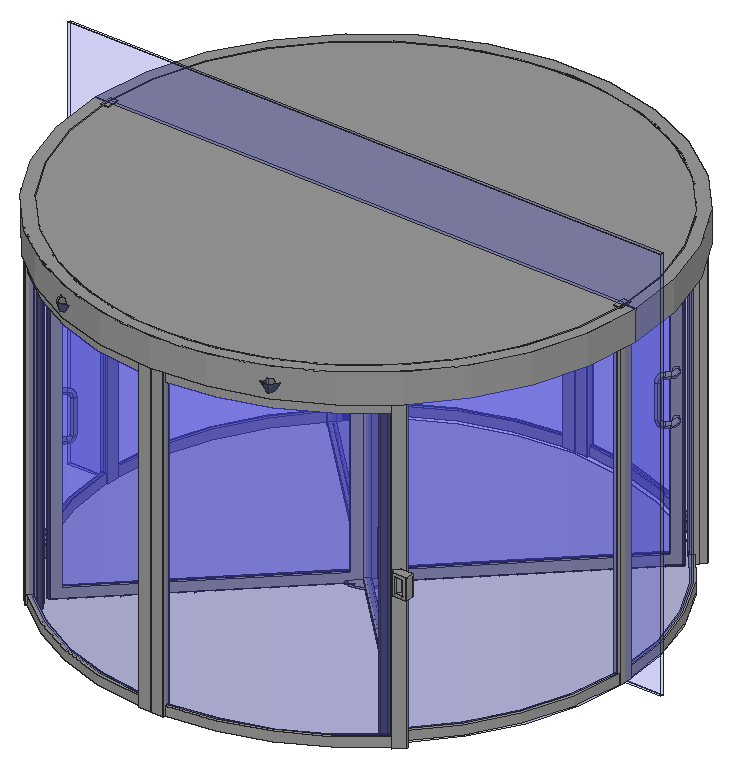
Revit family "Talos RDR-C01", category Türen, Revit 2016
Family settings
  OmniClass-Nummer = 23.30.10.00
  OmniClass-Titel = Doors
  Immer vertikal = Ja
  Beim Laden mit Abzugskörper schneiden = Nein
  Gemeinsam genutzt = Nein
  Raumberechnungspunkt = Nein
Parameters (values of type "RDR-C01 3400")
  Youtube clip = ""
  Width = 3500.00 mm
  Weight Net (Kg) = 0
  Weight = 0.00 kg
  Uniformat II Description = ""
  Uniformat II Code = ""
  Uniclass 2015 Name = ""
  Uniclass 2015 Code = ""
  Uniclass 2.0 Description = ""
  Uniclass 2.0 Code = ""
  Uniclass 1.4 Description = ""
  Uniclass 1.4 Code = ""
  URL = "http://www.kaba.com/physical-access-systems/en/solutions/92272/revolving-doors-and-circular-sliding-doors.html"
  UNSPSC Code = ""
  Type Comments = ""
  Type = "Talos RDR-C01"
  Technical description = "http://www.kaba.com/physical-access-systems/media/867246/v7/File/product-brochure-talos-rdr-and-csd.pdf"
  StandardUsed = "39"
  ShutOffDeviceInside = and(not(HasLockInside), HasIntegralShutOffDevice)  # no
  ShutOffDevice = and(not(HasLock), HasIntegralShutOffDevice)  # no
  SectionWidth = 4300.00 mm
  RubberMaterial = Zellkautschuk - EPDM
  RotationInterval 180 = yes
  RotationInterval 120 = not(RotationInterval 180)  # no
  ProfileWidth = if(DoorThickness < 40.00 mm, 40.00 mm, DoorThickness)  # 40.00 mm
  ProfileCenter = if(DoorThickness < 40.00 mm, (40.00 mm - DoorThickness) / 2, 0.00 mm)  # 0.00 mm
  Product certification = ""
  Product SKU = "Talos_RDR-C01"
  OmniClass Description = ""
  OmniClass Code = ""
  Nominal width = 0
  Nominal height = 2300
  NBS Reference Description = ""
  NBS Reference Code = ""
  MotionSensorOutside = if(HasLock, DiameterCoverFront - 18.00 mm, Diameter)  # 1822.00 mm
  MotionSensorInside = if(HasLockInside, DiameterCoverFront - 18.00 mm, Diameter)  # 1822.00 mm
  Power = ""
  OuterDiameter = "3500 mm"
  OperatingWeight = 0.00 kg
  MotorDriveType = "-"
  Modell = "Talos RDR-E01"
  Material secondary = "Metal"
  Material main = "Glass"
  Masterformat 2014 Description = ""
  Masterformat 2014 Code = ""
  Manufacturer name = "DORMA"
  Manufacturer country = "Germany"
  Manufacturer = "Kaba GmbH"
  Installation instructions = ""
  IFC Classification = ""
  Edition number = 1
  EAN code = ""
  Design country = "Germany"
  Konstruktionstyp = "Revolving Door"
  Hersteller = "Kaba GmbH"
  Height = 2300.00 mm
  HasShellTopFrame = no
  HasMotionSensor = yes
  HasLockInside = yes
  HasLock = yes
  HasIntegralShutOffDevice = yes
  HasGrabHandles 180 = and(HasGrabHandles, RotationInterval 180)  # yes
  HasGrabHandles 120 = and(HasGrabHandles, RotationInterval 120)  # no
  HasGrabHandles = yes
  HasFoldableDoors = yes
  HasCover = yes
  HasConsoleS2 = yes
  HasConsoleS1 = yes
  HandlePosition = 35.00 mm  # constant formula
  HandleMaterial = 1.4401 - A4
  Funktion = Außen
  FrameMaterial = 1.4401 - A4
  ExpectedLife = ""
  ElementWeight = 0.00 kg
  DoorWidth = AccessLengthOrRadius - 60.00 mm  # 1670.00 mm
  DoorThicknessRight = DoorThickness / 2  # 20.00 mm
  DoorThicknessLeft = -DoorThickness / 2  # -20.00 mm
  DoorThickness = 40.00 mm
  Dicke = DoorThickness  # 40.00 mm
  DiameterNightLockGlassOutside = Diameter + 49.00 mm  # 1809.00 mm
  DiameterNightLockGlassInside = Diameter + 41.00 mm  # 1801.00 mm
  DiameterNightLockFrame = Diameter + 21.00 mm  # 1781.00 mm
  DiameterNightLockCover = Diameter + 60.00 mm  # 1820.00 mm
  DiameterNightLock = Diameter + 30.00 mm  # 1790.00 mm
  DiameterGlassInside = (Width / 2) - 10.00 mm  # 1740.00 mm
  DiameterGlassOutside = (Width / 2)  # 1750.00 mm
  DiameterCoverFront = Diameter + 80.00 mm  # 1840.00 mm
  Diameter = (Width / 2) + 10.00 mm  # 1760.00 mm
  CoverWidth = Height - ClearHeight  # 200.00 mm
  CoverMaterial = Glas
  ConsoleType = console : Type 4
  ConsoleS2 = if(HasLock, DiameterNightLockFrame + 48.00 mm, DiameterNightLockFrame)  # 1829.00 mm
  ConsoleS1 = if(HasLockInside, DiameterNightLockFrame + 48.00 mm, DiameterNightLockFrame)  # 1829.00 mm
  Colour = ""
  ClearHeight = 2100.00 mm
  COBIe Type Category = ""
  BaseType = "60 mm - 169 mm"
  Analytische Konstruktion = "<Keine Auswahl>"
  AccessLengthOrRadius = Diameter - 30.00 mm  # 1730.00 mm
Reference planes
  plane 1 "Mitte (Vorne/Hinten)": y = 0
  plane 2: z = 0
  plane 3 "Mitte (Links/Rechts)": x = 0.023
  plane 4 "Section L": x = -2017.477
  plane 5 "Section R": x = 2017.523
  plane 6 "Oberkante": z = 2700
  plane 7: z = 2300
  plane 8 "access height": z = 2100
  plane 9: x = -1749.977
  plane 10: x = 1750.023
  plane 11 "180-4": through (-2115.474, 2115.497, 800) normal (0.7071, 0.7071, 0)
  plane 12 "180-1": through (2115.52, 2115.497, 800) normal (0.7071, -0.7071, 0)
  plane 13 "180-2": through (2115.52, -2115.497, 800) normal (-0.7071, -0.7071, 0)
  plane 14 "180-3": through (-2115.474, -2115.497, 800) normal (-0.7071, 0.7071, 0)
  plane 15 "120-1": through (260.773, 2980.38, 800) normal (0.9962, -0.0872, 0)
  plane 16 "120-2": through (2450.733, -1716.005, 800) normal (-0.5736, -0.8192, 0)
  plane 17 "120-3": through (-2711.436, -1264.374, 800) normal (-0.4226, 0.9063, 0)
Forms (mm)
  Extrusion 1, solid
    sketch origin (0, 0, 0) x (1, 0, 0) y (0, 0, 1)
      loop
        line (-2017.477, 0) -> (-1749.977, 0) -> (-1749.977, 2300) -> (1750.023, 2300) -> (1750.023, 0) -> (2017.523, 0) -> (2017.523, 2700) -> (-2017.477, 2700) -> (-2017.477, 0)
    from -12 to 12
  Extrusion 2, solid, material "Glas" <- "CoverMaterial"
    sketch origin (100, 0, 0) x (1, 0, 0) y (0, 1, 0)
      loop
        arc (-1337.414, 1237.437) -> (-1708.514, 689.281) -> (-1849.461, 42.5) r 1750
        line (-1849.461, 42.5) -> (-1839.458, 42.5)
        arc (-1839.458, 42.5) -> (-1699.275, 685.453) -> (-1330.343, 1230.366) r 1740
        line (-1330.343, 1230.366) -> (-1337.414, 1237.437)
      loop
        line (-1337.414, -1237.437) -> (-1330.343, -1230.366)
        arc (-1330.343, -1230.366) -> (-1699.275, -685.453) -> (-1839.458, -42.5) r 1740
        line (-1839.458, -42.5) -> (-1849.461, -42.5)
        arc (-1849.461, -42.5) -> (-1708.514, -689.281) -> (-1337.414, -1237.437) r 1750
    from 63 to 2100 <- "ClearHeight"
  Extrusion 3, solid, material "1.4401 - A4" <- "FrameMaterial", visible <- "RotationInterval 180"
    sketch origin (100, 0, 0) x (1, 0, 0) y (0, 1, 0)
      loop
        line (-160.977, -61) -> (-38.977, -61) -> (-38.977, 61) -> (-160.977, 61) -> (-160.977, -61)
    from 1137 to 1167
  Extrusion 4, solid, material "1.4401 - A4" <- "FrameMaterial"
    sketch origin (0, 0, 0) x (1, 0, 0) y (0, 1, 0)
      loop
        circle (0.023, 0) r 1760
    from 2100 <- "ClearHeight" to 2300 <- "Height"
  Extrusion 5, solid, material "1.4401 - A4" <- "FrameMaterial", visible <- "RotationInterval 120"
    sketch origin (50.012, 86.583, 0) x (0.5, 0.866025, 0) y (-0.866025, 0.5, 0)
      loop
        line (-17.503, 38.458) -> (-174.52, 52.195) -> (-107.908, -90.654) -> (-17.503, 38.458)
    from 1137 to 1167
  Extrusion 6, solid, material "Glas" <- "CoverMaterial"
    sketch origin (265.046, 0, 0) x (-1, 0, 0) y (0, -1, 0)
      loop
        line (-972.414, -1237.437) -> (-965.343, -1230.366)
        arc (-965.343, -1230.366) -> (-1334.275, -685.453) -> (-1474.458, -42.5) r 1740
        line (-1474.458, -42.5) -> (-1484.461, -42.5)
        arc (-1484.461, -42.5) -> (-1343.514, -689.281) -> (-972.414, -1237.437) r 1750
      loop
        arc (-972.414, 1237.437) -> (-1343.514, 689.281) -> (-1484.461, 42.5) r 1750
        line (-1484.461, 42.5) -> (-1474.458, 42.5)
        arc (-1474.458, 42.5) -> (-1334.275, 685.453) -> (-965.343, 1230.366) r 1740
        line (-965.343, 1230.366) -> (-972.414, 1237.437)
    from 63 to 2100 <- "ClearHeight"
  Extrusion 7, solid
    sketch origin (28.5, -238.964, 0) x (1, 0, 0) y (0, 1, 0)
      loop
        line (-1798.477, 196.464) -> (-1749.977, 196.464) -> (-1749.977, 281.464) -> (-1798.477, 281.464) -> (-1798.477, 196.464)
    from 0 to 2300
  Extrusion 8, solid
    sketch origin (-182.5, 0, 0) x (1, 0, 0) y (0, 1, 0)
      loop
        line (-1040.772, 1223.295) -> (-1061.985, 1244.508)
        arc (-1061.985, 1244.508) -> (-1435.254, 693.108) -> (-1576.964, 42.5) r 1760
        line (-1576.964, 42.5) -> (-1546.955, 42.5)
        arc (-1546.955, 42.5) -> (-1407.535, 681.626) -> (-1040.772, 1223.295) r 1730
      loop
        line (-1061.985, -1244.508) -> (-1040.772, -1223.295)
        arc (-1040.772, -1223.295) -> (-1406.38, -684.314) -> (-1546.801, -48.349) r 1730
        line (-1546.801, -48.349) -> (-1576.813, -48.349)
        arc (-1576.813, -48.349) -> (-1434.099, -695.796) -> (-1061.985, -1244.508) r 1760
      loop
        line (1405.818, -1223.295) -> (1427.031, -1244.508)
        arc (1427.031, -1244.508) -> (1800.3, -693.108) -> (1942.01, -42.5) r 1760
        line (1942.01, -42.5) -> (1912.001, -42.5)
        arc (1912.001, -42.5) -> (1772.581, -681.626) -> (1405.818, -1223.295) r 1730
      loop
        line (1427.031, 1244.508) -> (1405.818, 1223.295)
        arc (1405.818, 1223.295) -> (1772.581, 681.626) -> (1912.001, 42.5) r 1730
        line (1912.001, 42.5) -> (1942.01, 42.5)
        arc (1942.01, 42.5) -> (1800.3, 693.108) -> (1427.031, 1244.508) r 1760
    from 0 to 63
  Extrusion 9, solid, visible <- "RotationInterval 180"
    sketch origin (0.012, 0.012, 0) x (-0.707107, 0.707107, 0) y (0, 0, 1)
      loop
        line (1689.984, 2100) -> (19.984, 2100) -> (19.984, 0) -> (1689.984, 0) -> (1689.984, 2100)
      loop
        line (1626.984, 2037) -> (82.984, 2037) -> (82.984, 63) -> (1626.984, 63) -> (1626.984, 2037)
    from -20 <- "DoorThicknessLeft" to 20 <- "DoorThicknessRight"
  Extrusion 10, solid, visible <- "RotationInterval 180"
    sketch origin (2115.52, -2115.497, 800) x (0.707107, -0.707107, 0) y (0, 0, 1)
      loop
        line (-1301.764, 1300) -> (-2971.764, 1300) -> (-2971.764, -800) -> (-1301.764, -800) -> (-1301.764, 1300)
      loop
        line (-1364.764, 1237) -> (-2908.764, 1237) -> (-2908.764, -737) -> (-1364.764, -737) -> (-1364.764, 1237)
    from -20 <- "DoorThicknessLeft" to 20 <- "DoorThicknessRight"
  Extrusion 11, solid, visible <- "RotationInterval 180"
    sketch origin (0.012, 0.012, 0) x (-0.707107, 0.707107, 0) y (0, 0, 1)
      loop
        line (1626.984, 2037) -> (82.984, 2037) -> (82.984, 63) -> (1626.984, 63) -> (1626.984, 2037)
    from 3 to 10
  Extrusion 12, solid, visible <- "RotationInterval 180"
    sketch origin (0.012, 0.012, 0) x (-0.707107, 0.707107, 0) y (0, 0, 1)
      loop
        line (1626.984, 2037) -> (82.984, 2037) -> (82.984, 63) -> (1626.984, 63) -> (1626.984, 2037)
    from -10 to -3
  Extrusion 13, solid, visible <- "RotationInterval 180"
    sketch origin (2115.52, -2115.497, 800) x (0.707107, -0.707107, 0) y (0, 0, 1)
      loop
        line (-1364.764, 1237) -> (-2908.764, 1237) -> (-2908.764, -737) -> (-1364.764, -737) -> (-1364.764, 1237)
    from 3 to 10
  Extrusion 14, solid, visible <- "RotationInterval 180"
    sketch origin (2115.52, -2115.497, 800) x (0.707107, -0.707107, 0) y (0, 0, 1)
      loop
        line (-1364.764, 1237) -> (-2908.764, 1237) -> (-2908.764, -737) -> (-1364.764, -737) -> (-1364.764, 1237)
    from -10 to -3
  Extrusion 15, solid, visible <- "RotationInterval 180"
    sketch origin (0.012, -0.012, 0) x (0.707107, 0.707107, 0) y (0, 0, 1)
      loop
        line (1690.016, 2100) -> (20.016, 2100) -> (20.016, 0) -> (1690.016, 0) -> (1690.016, 2100)
      loop
        line (1627.016, 2037) -> (83.016, 2037) -> (83.016, 63) -> (1627.016, 63) -> (1627.016, 2037)
    from 20 <- "DoorThicknessRight" to -20 <- "DoorThicknessLeft"
  Extrusion 16, solid, visible <- "RotationInterval 180"
    sketch origin (0.012, -0.012, 0) x (0.707107, 0.707107, 0) y (0, 0, 1)
      loop
        line (1627.016, 2037) -> (83.016, 2037) -> (83.016, 63) -> (1627.016, 63) -> (1627.016, 2037)
    from 3 to 10
  Extrusion 17, solid, visible <- "RotationInterval 180"
    sketch origin (0.012, -0.012, 0) x (0.707107, 0.707107, 0) y (0, 0, 1)
      loop
        line (1627.016, 2037) -> (83.016, 2037) -> (83.016, 63) -> (1627.016, 63) -> (1627.016, 2037)
    from -10 to -3
  Extrusion 18, solid, visible <- "RotationInterval 180"
    sketch origin (0.012, -0.012, 0) x (-0.707107, -0.707107, 0) y (0, 0, 1)
      loop
        line (1689.984, 2100) -> (19.984, 2100) -> (19.984, 0) -> (1689.984, 0) -> (1689.984, 2100)
      loop
        line (1626.984, 2037) -> (82.984, 2037) -> (82.984, 63) -> (1626.984, 63) -> (1626.984, 2037)
    from -20 <- "DoorThicknessLeft" to 20 <- "DoorThicknessRight"
  Extrusion 19, solid, visible <- "RotationInterval 180"
    sketch origin (0.012, -0.012, 0) x (-0.707107, -0.707107, 0) y (0, 0, 1)
      loop
        line (1626.984, 2037) -> (82.984, 2037) -> (82.984, 63) -> (1626.984, 63) -> (1626.984, 2037)
    from 3 to 10
  Extrusion 20, solid, visible <- "RotationInterval 180"
    sketch origin (0.012, -0.012, 0) x (-0.707107, -0.707107, 0) y (0, 0, 1)
      loop
        line (1626.984, 2037) -> (82.983, 2037) -> (82.983, 63) -> (1626.984, 63) -> (1626.984, 2037)
    from -10 to -3
  Extrusion 21, solid
    sketch origin (-28.454, -238.964, 0) x (-1, 0, 0) y (0, -1, 0)
      loop
        line (-1798.477, -196.464) -> (-1798.477, -281.464) -> (-1749.977, -281.464) -> (-1749.977, -196.464) -> (-1798.477, -196.464)
    from 0 to 2300
  Extrusion 22, solid
    sketch origin (-148.814, -189.109, 0) x (0.707107, -0.707107, 0) y (0.707107, 0.707107, 0)
      loop
        line (-1806.977, 218.964) -> (-1758.477, 218.964) -> (-1758.477, 303.964) -> (-1806.977, 303.964) -> (-1806.977, 218.964)
    from 0 to 2100
  Extrusion 23, solid
    sketch origin (148.86, -189.109, 0) x (-0.707107, -0.707107, 0) y (0.707107, -0.707107, 0)
      loop
        line (-1806.977, -218.964) -> (-1806.977, -303.964) -> (-1758.477, -303.964) -> (-1758.477, -218.964) -> (-1806.977, -218.964)
    from 0 to 2100
  Extrusion 24, solid
    sketch origin (-148.814, 189.109, 0) x (0.707107, 0.707107, 0) y (-0.707107, 0.707107, 0)
      loop
        line (-1806.977, -218.964) -> (-1806.977, -303.964) -> (-1758.477, -303.964) -> (-1758.477, -218.964) -> (-1806.977, -218.964)
    from 0 to 2100
  Extrusion 25, solid
    sketch origin (148.86, 189.109, 0) x (-0.707107, 0.707107, 0) y (-0.707107, -0.707107, 0)
      loop
        line (-1806.977, 218.964) -> (-1758.477, 218.964) -> (-1758.477, 303.964) -> (-1806.977, 303.964) -> (-1806.977, 218.964)
    from 0 to 2100
  Extrusion 26, solid, visible <- "RotationInterval 120"
    sketch origin (12.842, 146.516, 0) x (0.087156, 0.996195, 0) y (0, 0, 1)
      loop
        line (1542.924, 2100) -> (-127.076, 2100) -> (-127.076, 0) -> (1542.924, 0) -> (1542.924, 2100)
      loop
        line (1479.924, 2037) -> (-64.076, 2037) -> (-64.076, 63) -> (1479.924, 63) -> (1479.924, 2037)
    from 20 <- "DoorThicknessRight" to -20 <- "DoorThicknessLeft"
  Extrusion 27, solid, visible <- "RotationInterval 120"
    sketch origin (0.023, -0.002, 0) x (0.087156, 0.996195, 0) y (0, 0, 1)
      loop
        line (1627.002, 2037) -> (83.002, 2037) -> (83.002, 63) -> (1627.002, 63) -> (1627.002, 2037)
    from 3 to 10
  Extrusion 28, solid, visible <- "RotationInterval 120"
    sketch origin (0.023, -0.002, 0) x (0.087156, 0.996195, 0) y (0, 0, 1)
      loop
        line (1627.002, 2037) -> (83.002, 2037) -> (83.002, 63) -> (1627.002, 63) -> (1627.002, 2037)
    from -10 to -3
  Extrusion 29, solid, visible <- "RotationInterval 120"
    sketch origin (215.7, -151.019, 0) x (0.819152, -0.573576, 0) y (0, 0, 1)
      loop
        line (1426.707, 2100) -> (-243.293, 2100) -> (-243.293, 0) -> (1426.707, 0) -> (1426.707, 2100)
      loop
        line (1363.707, 2037) -> (-180.293, 2037) -> (-180.293, 63) -> (1363.707, 63) -> (1363.707, 2037)
    from -20 <- "DoorThicknessLeft" to 20 <- "DoorThicknessRight"
  Extrusion 30, solid, visible <- "RotationInterval 120"
    sketch origin (0.008, 0.011, 0) x (0.819152, -0.573576, 0) y (0, 0, 1)
      loop
        line (1627.019, 2037) -> (83.019, 2037) -> (83.019, 63) -> (1627.019, 63) -> (1627.019, 2037)
    from 3 to 10
  Extrusion 31, solid, visible <- "RotationInterval 120"
    sketch origin (0.008, 0.011, 0) x (0.819152, -0.573576, 0) y (0, 0, 1)
      loop
        line (1627.019, 2037) -> (83.019, 2037) -> (83.019, 63) -> (1627.019, 63) -> (1627.019, 2037)
    from -10 to -3
  Extrusion 32, solid, visible <- "RotationInterval 120"
    sketch origin (-256.764, -119.742, 0) x (-0.906308, -0.422618, 0) y (0, 0, 1)
      loop
        line (1406.667, 2100) -> (-263.333, 2100) -> (-263.333, 0) -> (1406.667, 0) -> (1406.667, 2100)
      loop
        line (1343.667, 2037) -> (-200.333, 2037) -> (-200.333, 63) -> (1343.667, 63) -> (1343.667, 2037)
    from -20 <- "DoorThicknessLeft" to 20 <- "DoorThicknessRight"
  Extrusion 33, solid, visible <- "RotationInterval 120"
    sketch origin (0.004, -0.009, 0) x (-0.906308, -0.422618, 0) y (0, 0, 1)
      loop
        line (1626.979, 2037) -> (82.979, 2037) -> (82.979, 63) -> (1626.979, 63) -> (1626.979, 2037)
    from 3 to 10
  Extrusion 34, solid, visible <- "RotationInterval 120"
    sketch origin (0.004, -0.009, 0) x (-0.906308, -0.422618, 0) y (0, 0, 1)
      loop
        line (1626.979, 2037) -> (82.979, 2037) -> (82.979, 63) -> (1626.979, 63) -> (1626.979, 2037)
    from -10 to -3
  Extrusion 35, solid, visible <- "HasLock"
    sketch origin (0, 0, 0) x (1, 0, 0) y (0, 1, 0)
      loop
        line (1760.023, 0) -> (1840.023, 0)
        arc (1840.023, 0) -> (0.023, 1840) -> (-1839.977, 0) r 1840
        line (-1839.977, 0) -> (-1759.977, 0)
        arc (-1759.977, 0) -> (0.023, 1760) -> (1760.023, 0) r 1760
    from 2100 to 2300
  Sweep 36, solid, visible <- "RotationInterval 180"
    path in 3D
      loop
        line (0.023, -28.284, 2100) -> (-1180.845, -1209.153, 2100) -> (-1180.845, -1209.153, 0) -> (0.023, -28.284, 0)
    profile "brush profile : brush profile" origin (-590.411, -618.718, 2100) x (0.707107, -0.707107, 0) y (0, 0, 1)
      loop
        arc (-3.005, 0) -> (-0.742, 1.408) -> (-1.004, 4.06) r 2.523
        line (-1.004, 4.06) -> (-11.5, 14.434)
        arc (-11.5, 14.434) -> (-12.22, 14.806) -> (-13.021, 14.931) r 2.53
        line (-13.021, 14.931) -> (-15.617, 14.931)
        arc (-15.617, 14.931) -> (-16.966, 14.402) -> (-17.598, 13.097) r 1.987
        line (-17.598, 13.097) -> (-18.301, 4.016) -> (-20, 4.016) -> (-21.699, 4.016) -> (-22.402, 13.097)
        arc (-22.402, 13.097) -> (-23.034, 14.402) -> (-24.383, 14.931) r 1.987
        line (-24.383, 14.931) -> (-27, 14.931)
        arc (-27, 14.931) -> (-27.799, 14.809) -> (-28.521, 14.447) r 2.588
        line (-28.521, 14.447) -> (-38.818, 4.223)
        arc (-38.818, 4.223) -> (-39.312, 1.516) -> (-37.017, 0) r 2.496
        line (-37.017, 0) -> (-3.005, 0)
  Sweep 37, solid, visible <- "RotationInterval 180"
    path in 3D
      loop
        line (0.023, -28.284, 0) -> (1180.891, -1209.153, 0) -> (1180.891, -1209.153, 2100) -> (0.023, -28.284, 2100)
    profile "brush profile : brush profile" origin (590.457, -618.718, 2100) x (-0.707107, -0.707107, 0) y (0, 0, 1)
      loop
        arc (-3.005, 0) -> (-0.742, 1.408) -> (-1.004, 4.06) r 2.523
        line (-1.004, 4.06) -> (-11.5, 14.434)
        arc (-11.5, 14.434) -> (-12.22, 14.806) -> (-13.021, 14.931) r 2.53
        line (-13.021, 14.931) -> (-15.617, 14.931)
        arc (-15.617, 14.931) -> (-16.966, 14.402) -> (-17.598, 13.097) r 1.987
        line (-17.598, 13.097) -> (-18.301, 4.016) -> (-20, 4.016) -> (-21.699, 4.016) -> (-22.402, 13.097)
        arc (-22.402, 13.097) -> (-23.034, 14.402) -> (-24.383, 14.931) r 1.987
        line (-24.383, 14.931) -> (-27, 14.931)
        arc (-27, 14.931) -> (-27.799, 14.809) -> (-28.521, 14.447) r 2.588
        line (-28.521, 14.447) -> (-38.818, 4.223)
        arc (-38.818, 4.223) -> (-39.312, 1.516) -> (-37.017, 0) r 2.496
        line (-37.017, 0) -> (-3.005, 0)
  Sweep 38, solid, visible <- "RotationInterval 120"
    path in 3D
      loop
        line (27.878, 4.912, 2100) -> (1395.862, -952.961, 2100) -> (1395.862, -952.961, 0) -> (27.878, 4.912, 0)
    profile "brush profile : brush profile" origin (711.87, -474.025, 2100) x (0.573576, 0.819152, 0) y (0, 0, 1)
      loop
        arc (-3.005, 0) -> (-0.742, 1.408) -> (-1.004, 4.06) r 2.523
        line (-1.004, 4.06) -> (-11.5, 14.434)
        arc (-11.5, 14.434) -> (-12.22, 14.806) -> (-13.021, 14.931) r 2.53
        line (-13.021, 14.931) -> (-15.617, 14.931)
        arc (-15.617, 14.931) -> (-16.966, 14.402) -> (-17.598, 13.097) r 1.987
        line (-17.598, 13.097) -> (-18.301, 4.016) -> (-20, 4.016) -> (-21.699, 4.016) -> (-22.402, 13.097)
        arc (-22.402, 13.097) -> (-23.034, 14.402) -> (-24.383, 14.931) r 1.987
        line (-24.383, 14.931) -> (-27, 14.931)
        arc (-27, 14.931) -> (-27.799, 14.809) -> (-28.521, 14.447) r 2.588
        line (-28.521, 14.447) -> (-38.818, 4.223)
        arc (-38.818, 4.223) -> (-39.312, 1.516) -> (-37.017, 0) r 2.496
        line (-37.017, 0) -> (-3.005, 0)
  Sweep 39, solid, material "Zellkautschuk - EPDM", visible <- "RotationInterval 180"
    path in 3D
      loop
        line (28.307, 0, 0) -> (1209.176, 1180.868, 0) -> (1209.176, 1180.868, 2100) -> (28.307, 0, 2100)
    profile "brush profile : brush profile" origin (618.742, 590.434, 2100) x (0.707107, -0.707107, 0) y (0, 0, 1)
      loop
        arc (-3.005, 0) -> (-0.742, 1.408) -> (-1.004, 4.06) r 2.523
        line (-1.004, 4.06) -> (-11.5, 14.434)
        arc (-11.5, 14.434) -> (-12.22, 14.806) -> (-13.021, 14.931) r 2.53
        line (-13.021, 14.931) -> (-15.617, 14.931)
        arc (-15.617, 14.931) -> (-16.966, 14.402) -> (-17.598, 13.097) r 1.987
        line (-17.598, 13.097) -> (-18.301, 4.016) -> (-20, 4.016) -> (-21.699, 4.016) -> (-22.402, 13.097)
        arc (-22.402, 13.097) -> (-23.034, 14.402) -> (-24.383, 14.931) r 1.987
        line (-24.383, 14.931) -> (-27, 14.931)
        arc (-27, 14.931) -> (-27.799, 14.809) -> (-28.521, 14.447) r 2.588
        line (-28.521, 14.447) -> (-38.818, 4.223)
        arc (-38.818, 4.223) -> (-39.312, 1.516) -> (-37.017, 0) r 2.496
        line (-37.017, 0) -> (-3.005, 0)
  Sweep 40, solid, visible <- "RotationInterval 120"
    path in 3D
      loop
        line (21.69, 18.181, 0) -> (167.24, 1681.826, 0) -> (167.24, 1681.826, 2100) -> (21.69, 18.181, 2100)
    profile "brush profile : brush profile" origin (94.465, 850.003, 2100) x (0.996195, -0.087156, 0) y (0, 0, 1)
      loop
        arc (-3.005, 0) -> (-0.742, 1.408) -> (-1.004, 4.06) r 2.523
        line (-1.004, 4.06) -> (-11.5, 14.434)
        arc (-11.5, 14.434) -> (-12.22, 14.806) -> (-13.021, 14.931) r 2.53
        line (-13.021, 14.931) -> (-15.617, 14.931)
        arc (-15.617, 14.931) -> (-16.966, 14.402) -> (-17.598, 13.097) r 1.987
        line (-17.598, 13.097) -> (-18.301, 4.016) -> (-20, 4.016) -> (-21.699, 4.016) -> (-22.402, 13.097)
        arc (-22.402, 13.097) -> (-23.034, 14.402) -> (-24.383, 14.931) r 1.987
        line (-24.383, 14.931) -> (-27, 14.931)
        arc (-27, 14.931) -> (-27.799, 14.809) -> (-28.521, 14.447) r 2.588
        line (-28.521, 14.447) -> (-38.818, 4.223)
        arc (-38.818, 4.223) -> (-39.312, 1.516) -> (-37.017, 0) r 2.496
        line (-37.017, 0) -> (-3.005, 0)
  Sweep 41, solid, visible <- "RotationInterval 180"
    path in 3D
      loop
        line (0.023, 28.284, 0) -> (-1180.845, 1209.153, 0) -> (-1180.845, 1209.153, 2100) -> (0.023, 28.284, 2100)
    profile "brush profile : brush profile" origin (-590.411, 618.718, 2100) x (0.707107, 0.707107, 0) y (0, 0, 1)
      loop
        arc (-3.005, 0) -> (-0.742, 1.408) -> (-1.004, 4.06) r 2.523
        line (-1.004, 4.06) -> (-11.5, 14.434)
        arc (-11.5, 14.434) -> (-12.22, 14.806) -> (-13.021, 14.931) r 2.53
        line (-13.021, 14.931) -> (-15.617, 14.931)
        arc (-15.617, 14.931) -> (-16.966, 14.402) -> (-17.598, 13.097) r 1.987
        line (-17.598, 13.097) -> (-18.301, 4.016) -> (-20, 4.016) -> (-21.699, 4.016) -> (-22.402, 13.097)
        arc (-22.402, 13.097) -> (-23.034, 14.402) -> (-24.383, 14.931) r 1.987
        line (-24.383, 14.931) -> (-27, 14.931)
        arc (-27, 14.931) -> (-27.799, 14.809) -> (-28.521, 14.447) r 2.588
        line (-28.521, 14.447) -> (-38.818, 4.223)
        arc (-38.818, 4.223) -> (-39.312, 1.516) -> (-37.017, 0) r 2.496
        line (-37.017, 0) -> (-3.005, 0)
  Sweep 42, solid, visible <- "RotationInterval 120"
    path in 3D
      loop
        line (-26.555, 9.674, 0) -> (-1540.089, -696.099, 0) -> (-1540.089, -696.099, 2100) -> (-26.555, 9.674, 2100)
    profile "brush profile : brush profile" origin (-783.322, -343.212, 2100) x (-0.422618, 0.906308, 0) y (0, 0, 1)
      loop
        arc (-3.005, 0) -> (-0.742, 1.408) -> (-1.004, 4.06) r 2.523
        line (-1.004, 4.06) -> (-11.5, 14.434)
        arc (-11.5, 14.434) -> (-12.22, 14.806) -> (-13.021, 14.931) r 2.53
        line (-13.021, 14.931) -> (-15.617, 14.931)
        arc (-15.617, 14.931) -> (-16.966, 14.402) -> (-17.598, 13.097) r 1.987
        line (-17.598, 13.097) -> (-18.301, 4.016) -> (-20, 4.016) -> (-21.699, 4.016) -> (-22.402, 13.097)
        arc (-22.402, 13.097) -> (-23.034, 14.402) -> (-24.383, 14.931) r 1.987
        line (-24.383, 14.931) -> (-27, 14.931)
        arc (-27, 14.931) -> (-27.799, 14.809) -> (-28.521, 14.447) r 2.588
        line (-28.521, 14.447) -> (-38.818, 4.223)
        arc (-38.818, 4.223) -> (-39.312, 1.516) -> (-37.017, 0) r 2.496
        line (-37.017, 0) -> (-3.005, 0)
  Extrusion 43, solid, material "PVC-Hart"
    sketch origin (0, 0, 0) x (1, 0, 0) y (0, 1, 0)
      loop
        circle (0.023, 0) r 1760
    from -8 to 1
  Extrusion 44, solid, visible <- "HasLockInside"
    sketch origin (0, 0, 0) x (1, 0, 0) y (0, 1, 0)
      loop
        arc (1760.023, 0) -> (0.023, -1760) -> (-1759.977, 0) r 1760
        line (-1759.977, 0) -> (-1839.977, 0)
        arc (-1839.977, 0) -> (0.023, -1840) -> (1840.023, 0) r 1840
        line (1840.023, 0) -> (1760.023, 0)
    from 2100 to 2300
  Extrusion 45, solid, visible <- "HasLockInside"
    sketch origin (238.987, 28.477, 0) x (0, 1, 0) y (-1, 0, 0)
      loop
        arc (-1857.977, 240.764) -> (-1857.45, 239.491) -> (-1856.177, 238.964) r 1.8
        line (-1856.177, 238.964) -> (-1811.477, 238.964)
        arc (-1811.477, 238.964) -> (-1810.063, 239.55) -> (-1809.477, 240.964) r 2
        line (-1809.477, 240.964) -> (-1809.477, 321.964)
        arc (-1809.477, 321.964) -> (-1810.063, 323.378) -> (-1811.477, 323.964) r 2
        line (-1811.477, 323.964) -> (-1856.177, 323.964)
        arc (-1856.177, 323.964) -> (-1857.45, 323.437) -> (-1857.977, 322.164) r 1.8
        line (-1857.977, 322.164) -> (-1857.977, 240.764)
    from 0 to 2100
  Extrusion 46, solid, visible <- "HasLockInside"
    sketch origin (-238.941, 28.477, 0) x (0, 1, 0) y (-1, 0, 0)
      loop
        line (-1857.977, -240.964) -> (-1857.977, -321.964)
        arc (-1857.977, -321.964) -> (-1857.391, -323.378) -> (-1855.977, -323.964) r 2
        line (-1855.977, -323.964) -> (-1811.477, -323.964)
        arc (-1811.477, -323.964) -> (-1810.063, -323.378) -> (-1809.477, -321.964) r 2
        line (-1809.477, -321.964) -> (-1809.477, -240.964)
        arc (-1809.477, -240.964) -> (-1810.063, -239.55) -> (-1811.477, -238.964) r 2
        line (-1811.477, -238.964) -> (-1855.977, -238.964)
        arc (-1855.977, -238.964) -> (-1857.391, -239.55) -> (-1857.977, -240.964) r 2
    from 0 to 2100
  Extrusion 47, solid, visible <- "HasLockInside"
    sketch origin (219.184, -178.889, 0) x (0.707107, 0.707107, 0) y (-0.707107, 0.707107, 0)
      loop
        arc (-1857.977, 218.464) -> (-1857.391, 217.05) -> (-1855.977, 216.464) r 2
        line (-1855.977, 216.464) -> (-1811.477, 216.464)
        arc (-1811.477, 216.464) -> (-1810.063, 217.05) -> (-1809.477, 218.464) r 2
        line (-1809.477, 218.464) -> (-1809.477, 299.464)
        arc (-1809.477, 299.464) -> (-1810.063, 300.878) -> (-1811.477, 301.464) r 2
        line (-1811.477, 301.464) -> (-1855.977, 301.464)
        arc (-1855.977, 301.464) -> (-1857.391, 300.878) -> (-1857.977, 299.464) r 2
        line (-1857.977, 299.464) -> (-1857.977, 218.464)
    from 0 to 2100
  Extrusion 48, solid, visible <- "HasLockInside"
    sketch origin (-219.138, -178.889, 0) x (-0.707107, 0.707107, 0) y (-0.707107, -0.707107, 0)
      loop
        line (-1857.977, -218.463) -> (-1857.977, -299.463)
        arc (-1857.977, -299.463) -> (-1857.391, -300.878) -> (-1855.977, -301.463) r 2
        line (-1855.977, -301.463) -> (-1811.477, -301.463)
        arc (-1811.477, -301.463) -> (-1810.063, -300.878) -> (-1809.477, -299.463) r 2
        line (-1809.477, -299.463) -> (-1809.477, -218.463)
        arc (-1809.477, -218.463) -> (-1810.063, -217.049) -> (-1811.477, -216.463) r 2
        line (-1811.477, -216.463) -> (-1855.977, -216.463)
        arc (-1855.977, -216.463) -> (-1857.391, -217.049) -> (-1857.977, -218.463) r 2
    from 0 to 2100
  Extrusion 49, solid, visible <- "HasLockInside"
    sketch origin (0, 0, 0) x (1, 0, 0) y (0, 1, 0)
      loop
        line (-1218.901, -1310.848) -> (-1240.128, -1332.075)
        arc (-1240.128, -1332.075) -> (-705.697, -1677.605) -> (-84.977, -1818.014) r 1820
        line (-84.977, -1818.014) -> (-84.977, -1787.981)
        arc (-84.977, -1787.981) -> (-694.216, -1649.888) -> (-1218.901, -1310.848) r 1790
    from 0 to 63
  Extrusion 50, solid, visible <- "HasLockInside"
    sketch origin (0, 0, 0) x (1, 0, 0) y (0, 1, 0)
      loop
        arc (-84.977, -1798.993) -> (-698.426, -1660.051) -> (-1226.685, -1318.632) r 1801
        line (-1226.685, -1318.632) -> (-1232.345, -1324.292)
        arc (-1232.345, -1324.292) -> (-701.487, -1667.442) -> (-84.977, -1807.002) r 1809
        line (-84.977, -1807.002) -> (-84.977, -1798.993)
    from 63 to 2037
  Extrusion 51, solid, visible <- "HasLockInside"
    sketch origin (0.046, 0, 0) x (-1, 0, 0) y (0, -1, 0)
      loop
        line (-84.977, 1798.993) -> (-84.977, 1807.002)
        arc (-84.977, 1807.002) -> (-701.487, 1667.443) -> (-1232.345, 1324.293) r 1809
        line (-1232.345, 1324.293) -> (-1226.684, 1318.632)
        arc (-1226.684, 1318.632) -> (-698.426, 1660.051) -> (-84.977, 1798.993) r 1801
    from 63 to 2037
  Extrusion 52, solid, visible <- "HasLockInside"
    sketch origin (0, 0, 0) x (1, 0, 0) y (0, 1, 0)
      loop
        line (85.023, -1787.981) -> (85.023, -1818.014)
        arc (85.023, -1818.014) -> (705.743, -1677.605) -> (1240.174, -1332.076) r 1820
        line (1240.174, -1332.076) -> (1218.947, -1310.849)
        arc (1218.947, -1310.849) -> (694.262, -1649.888) -> (85.023, -1787.981) r 1790
    from 0 to 63
  Extrusion 53, solid, visible <- "HasLockInside"
    sketch origin (0, 0, 0) x (1, 0, 0) y (0, 1, 0)
      loop
        line (85.023, -1787.981) -> (85.023, -1818.014)
        arc (85.023, -1818.014) -> (705.743, -1677.605) -> (1240.174, -1332.076) r 1820
        line (1240.174, -1332.076) -> (1218.947, -1310.849)
        arc (1218.947, -1310.849) -> (694.262, -1649.888) -> (85.023, -1787.981) r 1790
      loop
        arc (-1240.128, -1332.075) -> (-705.697, -1677.605) -> (-84.977, -1818.014) r 1820
        line (-84.977, -1818.014) -> (-84.977, -1787.981)
        arc (-84.977, -1787.981) -> (-694.216, -1649.888) -> (-1218.901, -1310.848) r 1790
        line (-1218.901, -1310.848) -> (-1240.128, -1332.075)
    from 2037 to 2100
  Extrusion 54, solid, visible <- "HasLock"
    sketch origin (238.987, -28.477, 0) x (0, -1, 0) y (1, 0, 0)
      loop
        line (-1857.977, -240.764) -> (-1857.977, -322.164)
        arc (-1857.977, -322.164) -> (-1857.45, -323.437) -> (-1856.177, -323.964) r 1.8
        line (-1856.177, -323.964) -> (-1811.477, -323.964)
        arc (-1811.477, -323.964) -> (-1810.063, -323.378) -> (-1809.477, -321.964) r 2
        line (-1809.477, -321.964) -> (-1809.477, -240.964)
        arc (-1809.477, -240.964) -> (-1810.063, -239.55) -> (-1811.477, -238.964) r 2
        line (-1811.477, -238.964) -> (-1856.177, -238.964)
        arc (-1856.177, -238.964) -> (-1857.45, -239.491) -> (-1857.977, -240.764) r 1.8
    from 0 to 2100
  Extrusion 55, solid, visible <- "HasLock"
    sketch origin (-238.941, -28.477, 0) x (0, -1, 0) y (1, 0, 0)
      loop
        arc (-1857.977, 240.964) -> (-1857.391, 239.55) -> (-1855.977, 238.964) r 2
        line (-1855.977, 238.964) -> (-1811.477, 238.964)
        arc (-1811.477, 238.964) -> (-1810.063, 239.55) -> (-1809.477, 240.964) r 2
        line (-1809.477, 240.964) -> (-1809.477, 321.964)
        arc (-1809.477, 321.964) -> (-1810.063, 323.379) -> (-1811.477, 323.964) r 2
        line (-1811.477, 323.964) -> (-1855.977, 323.964)
        arc (-1855.977, 323.964) -> (-1857.391, 323.379) -> (-1857.977, 321.964) r 2
        line (-1857.977, 321.964) -> (-1857.977, 240.964)
    from 0 to 2100
  Extrusion 56, solid, visible <- "HasLock"
    sketch origin (219.184, 178.889, 0) x (0.707107, -0.707107, 0) y (0.707107, 0.707107, 0)
      loop
        line (-1857.977, -218.464) -> (-1857.977, -299.464)
        arc (-1857.977, -299.464) -> (-1857.391, -300.879) -> (-1855.977, -301.464) r 2
        line (-1855.977, -301.464) -> (-1811.477, -301.464)
        arc (-1811.477, -301.464) -> (-1810.063, -300.879) -> (-1809.477, -299.464) r 2
        line (-1809.477, -299.464) -> (-1809.477, -218.464)
        arc (-1809.477, -218.464) -> (-1810.063, -217.05) -> (-1811.477, -216.464) r 2
        line (-1811.477, -216.464) -> (-1855.977, -216.464)
        arc (-1855.977, -216.464) -> (-1857.391, -217.05) -> (-1857.977, -218.464) r 2
    from 0 to 2100
  Extrusion 57, solid, visible <- "HasLock"
    sketch origin (-219.138, 178.889, 0) x (-0.707107, -0.707107, 0) y (0.707107, -0.707107, 0)
      loop
        arc (-1857.977, 218.464) -> (-1857.391, 217.05) -> (-1855.977, 216.464) r 2
        line (-1855.977, 216.464) -> (-1811.477, 216.464)
        arc (-1811.477, 216.464) -> (-1810.063, 217.05) -> (-1809.477, 218.464) r 2
        line (-1809.477, 218.464) -> (-1809.477, 299.464)
        arc (-1809.477, 299.464) -> (-1810.063, 300.878) -> (-1811.477, 301.464) r 2
        line (-1811.477, 301.464) -> (-1855.977, 301.464)
        arc (-1855.977, 301.464) -> (-1857.391, 300.878) -> (-1857.977, 299.464) r 2
        line (-1857.977, 299.464) -> (-1857.977, 218.464)
    from 0 to 2100
  Extrusion 58, solid, visible <- "HasLock"
    sketch origin (0, 0, 0) x (1, 0, 0) y (0, 1, 0)
      loop
        line (-84.977, 1798.993) -> (-84.977, 1807.002)
        arc (-84.977, 1807.002) -> (-701.488, 1667.442) -> (-1232.345, 1324.292) r 1809
        line (-1232.345, 1324.292) -> (-1226.685, 1318.631)
        arc (-1226.685, 1318.631) -> (-698.426, 1660.051) -> (-84.977, 1798.993) r 1801
    from 63 to 2037
  Extrusion 59, solid, visible <- "HasLock"
    sketch origin (0.046, 0, 0) x (-1, 0, 0) y (0, -1, 0)
      loop
        arc (-84.977, -1798.993) -> (-698.426, -1660.051) -> (-1226.685, -1318.632) r 1801
        line (-1226.685, -1318.632) -> (-1232.345, -1324.292)
        arc (-1232.345, -1324.292) -> (-701.487, -1667.442) -> (-84.977, -1807.002) r 1809
        line (-84.977, -1807.002) -> (-84.977, -1798.993)
    from 63 to 2037
  Extrusion 60, solid, visible <- "HasLock"
    sketch origin (0, 0, 0) x (1, 0, 0) y (0, 1, 0)
      loop
        arc (-84.977, 1818.014) -> (-705.697, 1677.605) -> (-1240.128, 1332.075) r 1820
        line (-1240.128, 1332.075) -> (-1218.901, 1310.848)
        arc (-1218.901, 1310.848) -> (-694.217, 1649.888) -> (-84.977, 1787.981) r 1790
        line (-84.977, 1787.981) -> (-84.977, 1818.014)
      loop
        line (1218.948, 1310.848) -> (1240.174, 1332.075)
        arc (1240.174, 1332.075) -> (705.743, 1677.605) -> (85.023, 1818.014) r 1820
        line (85.023, 1818.014) -> (85.023, 1787.981)
        arc (85.023, 1787.981) -> (694.263, 1649.888) -> (1218.948, 1310.848) r 1790
    from 0 to 63
  Extrusion 61, solid, visible <- "HasLock"
    sketch origin (0, 0, 0) x (1, 0, 0) y (0, 1, 0)
      loop
        arc (-84.977, 1818.014) -> (-705.697, 1677.605) -> (-1240.128, 1332.075) r 1820
        line (-1240.128, 1332.075) -> (-1218.901, 1310.848)
        arc (-1218.901, 1310.848) -> (-694.217, 1649.888) -> (-84.977, 1787.981) r 1790
        line (-84.977, 1787.981) -> (-84.977, 1818.014)
      loop
        line (1218.948, 1310.848) -> (1240.174, 1332.075)
        arc (1240.174, 1332.075) -> (705.743, 1677.605) -> (85.023, 1818.014) r 1820
        line (85.023, 1818.014) -> (85.023, 1787.981)
        arc (85.023, 1787.981) -> (694.263, 1649.888) -> (1218.948, 1310.848) r 1790
    from 2037 to 2100
  Extrusion 62, solid, visible <- "HasShellTopFrame"
    sketch origin (0, 0, 0) x (1, 0, 0) y (0, 1, 0)
      loop
        arc (-1223.272, -1223.295) -> (-1729.977, 0) -> (-1223.272, 1223.295) r 1730
        line (-1223.272, 1223.295) -> (-1244.485, 1244.508)
        arc (-1244.485, 1244.508) -> (-1759.977, 0) -> (-1244.485, -1244.508) r 1760
        line (-1244.485, -1244.508) -> (-1223.272, -1223.295)
      loop
        arc (1223.318, 1223.295) -> (1730.023, 0) -> (1223.318, -1223.295) r 1730
        line (1223.318, -1223.295) -> (1244.531, -1244.508)
        arc (1244.531, -1244.508) -> (1760.023, 0) -> (1244.531, 1244.508) r 1760
        line (1244.531, 1244.508) -> (1223.318, 1223.295)
    from 2037 to 2100
  Extrusion 63, solid, material "1.4401 - A4" <- "FrameMaterial"
    sketch origin (100, 0, 0) x (1, 0, 0) y (0, 1, 0)
      loop
        circle (-99.977, 0) r 117
    from 10 to 20
Lines and regions (mm)
  reference lines
    curve 1: circle (0.023, 0, 0) r 1730 normal (0, 0, 1)
    curve 2: circle (0.023, 0, 0) r 1760 normal (0, 0, 1)
    curve 3: circle (0.023, 0, 0) r 1790 normal (0, 0, 1)
    curve 4: circle (0.023, 0, 0) r 1820 normal (0, 0, 1)
    curve 5: line (0.023, 0, 0) -> (-2023.689, 2023.712, 0)
    curve 6: line (0.023, 0, 0) -> (2023.735, 2023.712, 0)
    curve 7: line (0.023, 0, 0) -> (2023.735, -2023.712, 0)
    curve 8: line (0.023, 0, 0) -> (-2023.689, -2023.712, 0)
    curve 9: line (0.023, 0, 0) -> (120.964, 1382.363, 0)
    curve 31: line (-3.463, -39.848, 0) -> (36.275, 16.905, 0)
    curve 32: line (36.275, 16.905, 0) -> (-32.743, 22.943, 0)
    curve 33: line (-32.743, 22.943, 0) -> (-3.463, -39.848, 0)
  sketch lines
    curve 10: line (0.023, -28.284, 2100) -> (-1180.845, -1209.153, 2100)
    curve 11: line (-1180.845, -1209.153, 2100) -> (-1180.845, -1209.153, 0)
    curve 12: line (-1180.845, -1209.153, 0) -> (0.023, -28.284, 0)
    curve 13: line (1180.891, -1209.153, 2100) -> (0.023, -28.284, 2100)
    curve 14: line (1180.891, -1209.153, 0) -> (1180.891, -1209.153, 2100)
    curve 15: line (0.023, -28.284, 0) -> (1180.891, -1209.153, 0)
    curve 16: line (27.878, 4.912, 2100) -> (1395.862, -952.961, 2100)
    curve 17: line (1395.862, -952.961, 2100) -> (1395.862, -952.961, 0)
    curve 18: line (1395.862, -952.961, 0) -> (27.878, 4.912, 0)
    curve 19: line (1209.176, 1180.868, 2100) -> (28.307, 0, 2100)
    curve 20: line (1209.176, 1180.868, 0) -> (1209.176, 1180.868, 2100)
    curve 21: line (28.307, 0, 0) -> (1209.176, 1180.868, 0)
    curve 22: line (167.24, 1681.826, 2100) -> (21.69, 18.181, 2100)
    curve 23: line (167.24, 1681.826, 0) -> (167.24, 1681.826, 2100)
    curve 24: line (21.69, 18.181, 0) -> (167.24, 1681.826, 0)
    curve 25: line (-1180.845, 1209.153, 2100) -> (0.023, 28.284, 2100)
    curve 26: line (-1180.845, 1209.153, 0) -> (-1180.845, 1209.153, 2100)
    curve 27: line (0.023, 28.284, 0) -> (-1180.845, 1209.153, 0)
    curve 28: line (-1540.089, -696.099, 2100) -> (-26.555, 9.674, 2100)
    curve 29: line (-1540.089, -696.099, 0) -> (-1540.089, -696.099, 2100)
    curve 30: line (-26.555, 9.674, 0) -> (-1540.089, -696.099, 0)
Text (mm)
  text "Außen" at (-1061.5, 797.241, 0), in view "Referenzebene"
Dimensions and locks
  plane 4 "Section L" to plane 5 "Section R" = 4035.00 mm
  "ClearHeight": plane 8 "access height" to plane 2
  "CoverWidth": plane 7 to plane 8 "access height"
  plane 7 to plane 8 "access height" = 200.00 mm
  Extrusion 3 sketch curve to Extrusion 3 sketch curve = 122.00 mm  (x2)
  equal spacing: Extrusion 3 sketch curve, plane 1 "Mitte (Vorne/Hinten)", Extrusion 3 sketch curve
  equal spacing: Extrusion 3 sketch curve, plane 3 "Mitte (Links/Rechts)", Extrusion 3 sketch curve
  equal spacing: plane 4 "Section L", plane 3 "Mitte (Links/Rechts)", plane 5 "Section R"
  locked: Extrusion 7 sketch curve to Extrusion 7 sketch curve at 85
  locked: Extrusion 7 sketch curve to Extrusion 7 sketch curve at 48.5
  "Width": plane 9 to plane 10
  equal spacing: plane 9, plane 3 "Mitte (Links/Rechts)", plane 10
  Extrusion 7 to plane 1 "Mitte (Vorne/Hinten)" = 42.50 mm
  locked: Extrusion 7 to plane 9 at 20
  Extrusion 9 sketch curve to curve 8 = 20.00 mm
  "DoorWidth": Extrusion 9 sketch curve to Extrusion 9 sketch curve
  locked: Extrusion 9 sketch curve to Extrusion 9 sketch curve at 63  (x4)
  "DoorWidth": Extrusion 10 sketch curve to Extrusion 10 sketch curve
  locked: Extrusion 10 sketch curve to Extrusion 10 sketch curve at 63  (x4)
  "DoorWidth": Extrusion 15 sketch curve to Extrusion 15 sketch curve
  locked: Extrusion 15 sketch curve to Extrusion 15 sketch curve at 63  (x4)
  "DoorWidth": Extrusion 18 sketch curve to Extrusion 18 sketch curve
  locked: Extrusion 18 sketch curve to Extrusion 18 sketch curve at 63  (x4)
  locked: Extrusion 21 sketch curve to Extrusion 21 sketch curve at 85
  locked: Extrusion 21 sketch curve to Extrusion 21 sketch curve at 48.5
  locked: Extrusion 22 sketch curve to Extrusion 22 sketch curve at 85
  locked: Extrusion 22 sketch curve to Extrusion 22 sketch curve at 48.5
  plane 11 "180-4" to Extrusion 22 sketch curve = 20.00 mm
  "AccessLengthOrRadius": Extrusion 22 sketch curve to plane 14 "180-3"
  plane 14 "180-3" to Extrusion 10 sketch curve = 20.00 mm
  plane 13 "180-2" to Extrusion 15 sketch curve = 20.00 mm
  Extrusion 18 sketch curve to plane 13 "180-2" = 20.00 mm
  locked: Extrusion 23 sketch curve to Extrusion 23 sketch curve at 85
  locked: Extrusion 23 sketch curve to Extrusion 23 sketch curve at 48.5
  Extrusion 23 sketch curve to plane 12 "180-1" = 20.00 mm
  "AccessLengthOrRadius": plane 11 "180-4" to Extrusion 23 sketch curve
  locked: Extrusion 24 sketch curve to Extrusion 24 sketch curve at 85
  locked: Extrusion 24 sketch curve to Extrusion 24 sketch curve at 48.5
  locked: Extrusion 25 sketch curve to Extrusion 25 sketch curve at 85
  locked: Extrusion 25 sketch curve to Extrusion 25 sketch curve at 48.5
  Extrusion 24 sketch curve to plane 14 "180-3" = 20.00 mm
  "AccessLengthOrRadius": plane 13 "180-2" to Extrusion 24 sketch curve
  "AccessLengthOrRadius": Extrusion 25 sketch curve to plane 13 "180-2"
  plane 13 "180-2" to Extrusion 25 sketch curve = 20.00 mm
  "DoorWidth": Extrusion 26 sketch curve to Extrusion 26 sketch curve
  locked: Extrusion 26 sketch curve to Extrusion 26 sketch curve at 63  (x4)
  locked: Extrusion 22 to nested 1 at 24.25
  "DoorWidth": Extrusion 29 sketch curve to Extrusion 29 sketch curve
  locked: Extrusion 29 sketch curve to Extrusion 29 sketch curve at 63  (x4)
  "DoorWidth": Extrusion 32 sketch curve to Extrusion 32 sketch curve
  locked: Extrusion 32 sketch curve to Extrusion 32 sketch curve at 63  (x4)
  locked: nested 2 to Extrusion 23 at 24.25
  locked: nested 3 to Extrusion 24 at 24.25
  locked: Extrusion 25 to nested 4 at 24.25
  locked: Extrusion 9 to nested 5 at 32.878
  locked: Extrusion 26 to nested 6 at 32.878
  locked: Extrusion 15 to nested 11 at 32.878
  locked: Extrusion 10 to nested 8 at 32.878
  equal spacing: Extrusion 18, nested 9, Extrusion 20
  locked: Extrusion 45 sketch curve to Extrusion 45 sketch curve at 85
  locked: Extrusion 45 sketch curve to Extrusion 45 sketch curve at 48.5
  "DiameterNightLockFrame": Extrusion 45 sketch curve to plane 16 "120-2"
  locked: Extrusion 46 sketch curve to Extrusion 46 sketch curve at 85
  locked: Extrusion 46 sketch curve to Extrusion 46 sketch curve at 48.5
  "DiameterNightLockFrame": Extrusion 46 sketch curve to plane 15 "120-1"
  locked: Extrusion 47 sketch curve to Extrusion 47 sketch curve at 85
  locked: Extrusion 47 sketch curve to Extrusion 47 sketch curve at 48.5
  "DiameterNightLockFrame": Extrusion 47 sketch curve to plane 16 "120-2"
  locked: Extrusion 48 sketch curve to Extrusion 48 sketch curve at 85
  locked: Extrusion 48 sketch curve to Extrusion 48 sketch curve at 48.5
  "DiameterNightLockFrame": plane 15 "120-1" to Extrusion 48 sketch curve
  locked: Extrusion 54 sketch curve to Extrusion 54 sketch curve at 85
  locked: Extrusion 54 sketch curve to Extrusion 54 sketch curve at 48.5
  locked: Extrusion 55 sketch curve to Extrusion 55 sketch curve at 85
  locked: Extrusion 55 sketch curve to Extrusion 55 sketch curve at 48.5
  locked: Extrusion 56 sketch curve to Extrusion 56 sketch curve at 85
  locked: Extrusion 56 sketch curve to Extrusion 56 sketch curve at 48.5
  locked: Extrusion 57 sketch curve to Extrusion 57 sketch curve at 85
  locked: Extrusion 57 sketch curve to Extrusion 57 sketch curve at 48.5
  "DiameterNightLockFrame": plane 16 "120-2" to Extrusion 56 sketch curve
  "DiameterNightLockFrame": plane 16 "120-2" to Extrusion 54 sketch curve
  "DiameterNightLockFrame": Extrusion 55 sketch curve to plane 17 "120-3"
  "DiameterNightLockFrame": Extrusion 57 sketch curve to plane 17 "120-3"
  "ConsoleS1": nested 12 to plane 16 "120-2"
  "ConsoleS2": nested 13 to plane 16 "120-2"
  Extrusion 1 to Extrusion 7 = 20.00 mm
  "ConsoleS2": plane 16 "120-2" to nested 14
  "MotionSensorInside": nested 17 to plane 15 "120-1"
  "MotionSensorInside": nested 16 to plane 15 "120-1"
  "MotionSensorOutside": plane 17 "120-3" to nested 18
  "MotionSensorOutside": plane 16 "120-2" to nested 19
  equal spacing: plane 8 "access height", nested 18, plane 7
  equal spacing: plane 8 "access height", nested 19, plane 7
  "ConsoleS1": nested 15 to plane 16 "120-2"
  equal spacing: Extrusion 29, nested 7, Extrusion 29
  equal spacing: Extrusion 32, nested 10, Extrusion 32
  "DiameterGlassOutside": radius of Extrusion 2 sketch curve  (x2)
  "DiameterGlassInside": radius of Extrusion 2 sketch curve  (x2)
  "DiameterGlassOutside": radius of Extrusion 6 sketch curve  (x2)
  "DiameterGlassInside": radius of Extrusion 6 sketch curve  (x2)
  "AccessLengthOrRadius": radius of curve 1
  "Diameter": radius of curve 2
  "DiameterNightLock": radius of curve 3
  "DiameterNightLockCover": radius of curve 4
  "Diameter": radius of Extrusion 4 sketch curve
  "DiameterCoverFront": radius of Extrusion 35 sketch curve
  "Diameter": radius of Extrusion 35 sketch curve
  "DiameterCoverFront": radius of Extrusion 44 sketch curve
  "Diameter": radius of Extrusion 44 sketch curve
  "DiameterNightLockGlassInside": radius of Extrusion 50 sketch curve
  "DiameterNightLockGlassOutside": radius of Extrusion 50 sketch curve
  "DiameterNightLockGlassInside": radius of Extrusion 51 sketch curve
  "DiameterNightLockGlassOutside": radius of Extrusion 51 sketch curve
  "DiameterNightLockGlassInside": radius of Extrusion 58 sketch curve
  "DiameterNightLockGlassOutside": radius of Extrusion 58 sketch curve
  "DiameterNightLockGlassInside": radius of Extrusion 59 sketch curve
  "DiameterNightLockGlassOutside": radius of Extrusion 59 sketch curve
  locked: plane 3 "Mitte (Links/Rechts)" to nested 16 (angle 22.50°)
  locked: nested 17 to plane 3 "Mitte (Links/Rechts)" (angle 22.50°)
  locked: nested 18 to plane 3 "Mitte (Links/Rechts)" (angle 22.50°)
  locked: plane 3 "Mitte (Links/Rechts)" to nested 19 (angle 22.50°)
  aligned and locked: level to plane 2
  aligned and locked: Extrusion 1 to plane 4 "Section L"
  aligned and locked: Extrusion 1 to plane 6 "Oberkante"
  aligned and locked: Extrusion 1 to plane 5 "Section R"
  aligned and locked: Extrusion 1 to level  (x2)
  aligned and locked: plane 9 to Extrusion 1
  aligned and locked: Extrusion 1 to plane 10
  aligned and locked: plane 14 "180-3" to curve 8
  aligned and locked: plane 8 "access height" to Extrusion 9 sketch curve
  aligned and locked: curve 7 to Extrusion 9 sketch curve
  aligned and locked: Extrusion 11 sketch curve to Extrusion 9  (x3)
  aligned and locked: Extrusion 12 to Extrusion 9
  aligned and locked: Extrusion 13 to Extrusion 10
  aligned and locked: Extrusion 13 to Extrusion 9
  aligned and locked: Extrusion 14 to Extrusion 10
  aligned and locked: Extrusion 14 to Extrusion 9
  aligned and locked: Extrusion 8 sketch curve to curve 2  (x4)
  aligned and locked: Extrusion 8 sketch curve to curve 1  (x4)
  aligned and locked: Extrusion 8 sketch curve to plane 11 "180-4"
  aligned and locked: Extrusion 8 sketch curve to plane 14 "180-3"
  aligned and locked: Extrusion 8 sketch curve to plane 13 "180-2"
  aligned and locked: Extrusion 8 sketch curve to plane 12 "180-1"
  aligned and locked: Extrusion 6 sketch curve to plane 12 "180-1"
  aligned and locked: Extrusion 6 sketch curve to plane 13 "180-2"
  aligned and locked: Extrusion 2 sketch curve to plane 11 "180-4"
  aligned and locked: Extrusion 2 sketch curve to plane 14 "180-3"
  aligned and locked: Extrusion 17 to Extrusion 15  (x2)
  aligned and locked: Extrusion 16 to Extrusion 15  (x2)
  aligned and locked: Extrusion 19 to Extrusion 18  (x2)
  aligned and locked: Extrusion 20 to Extrusion 18
  aligned and locked: Extrusion 12 sketch curve to Extrusion 9
  aligned and locked: Extrusion 13 sketch curve to Extrusion 10
  aligned and locked: Extrusion 14 sketch curve to Extrusion 10
  aligned and locked: plane 15 "120-1" to curve 9
  aligned and locked: Extrusion 27 sketch curve to Extrusion 26  (x3)
  aligned and locked: Extrusion 28 to Extrusion 26
  aligned and locked: Extrusion 28 sketch curve to Extrusion 26
  aligned and locked: nested 1 to Extrusion 22
  aligned and locked: Extrusion 27 to Extrusion 26
  aligned and locked: Extrusion 30 sketch curve to Extrusion 29  (x3)
  aligned and locked: Extrusion 29 to Extrusion 31
  aligned and locked: Extrusion 31 sketch curve to Extrusion 29
  aligned and locked: Extrusion 29 to Extrusion 30
  aligned and locked: Extrusion 33 sketch curve to Extrusion 32  (x3)
  aligned and locked: Extrusion 34 to Extrusion 32
  aligned and locked: Extrusion 34 sketch curve to Extrusion 32
  aligned and locked: Extrusion 33 to Extrusion 32
  aligned and locked: Extrusion 24 to nested 3
  aligned and locked: nested 4 to Extrusion 25
  aligned and locked: nested 3 to plane 8 "access height"
  aligned and locked: nested 2 to plane 8 "access height"
  aligned and locked: plane 8 "access height" to nested 1
  aligned and locked: plane 8 "access height" to nested 4
  aligned and locked: Extrusion 35 to plane 8 "access height"
  aligned and locked: plane 7 to Extrusion 35
  aligned and locked: Extrusion 7 to Extrusion 2 sketch curve  (x2)
  aligned and locked: Extrusion 21 to Extrusion 6 sketch curve  (x2)
  aligned and locked: Extrusion 43 sketch curve to curve 2
  aligned and locked: plane 7 to Extrusion 44
  aligned and locked: Extrusion 44 to plane 8 "access height"
  aligned and locked: Extrusion 49 sketch curve to curve 4
  aligned and locked: Extrusion 49 sketch curve to curve 3
  aligned and locked: Extrusion 45 to Extrusion 49 sketch curve
  aligned and locked: Extrusion 47 to Extrusion 49 sketch curve
  aligned and locked: Extrusion 45 to Extrusion 50 sketch curve
  aligned and locked: Extrusion 47 to Extrusion 50 sketch curve
  aligned and locked: Extrusion 52 sketch curve to curve 3
  aligned and locked: Extrusion 52 sketch curve to curve 4
  aligned and locked: Extrusion 46 to Extrusion 52 sketch curve
  aligned and locked: Extrusion 52 sketch curve to Extrusion 48
  aligned and locked: Extrusion 51 sketch curve to Extrusion 48
  aligned and locked: Extrusion 48 to Extrusion 53 sketch curve
  aligned and locked: Extrusion 53 sketch curve to curve 4  (x2)
  aligned and locked: Extrusion 53 sketch curve to curve 3  (x2)
  aligned and locked: Extrusion 47 to Extrusion 53 sketch curve
  aligned and locked: Extrusion 45 to Extrusion 53 sketch curve
  aligned and locked: Extrusion 46 to Extrusion 53 sketch curve
  aligned and locked: plane 8 "access height" to Extrusion 53
  aligned and locked: Extrusion 53 to Extrusion 9
  aligned and locked: Extrusion 50 to Extrusion 9
  aligned and locked: Extrusion 51 to Extrusion 9
  aligned and locked: Extrusion 58 sketch curve to Extrusion 54
  aligned and locked: Extrusion 58 sketch curve to Extrusion 56
  aligned and locked: Extrusion 57 to Extrusion 59 sketch curve
  aligned and locked: plane 8 "access height" to Extrusion 61
  aligned and locked: Extrusion 60 sketch curve to curve 4  (x2)
  aligned and locked: Extrusion 60 sketch curve to curve 3  (x2)
  aligned and locked: Extrusion 56 to Extrusion 60 sketch curve
  aligned and locked: Extrusion 54 to Extrusion 60 sketch curve
  aligned and locked: Extrusion 55 to Extrusion 60 sketch curve
  aligned and locked: Extrusion 57 to Extrusion 60 sketch curve
  aligned and locked: Extrusion 61 sketch curve to curve 4  (x2)
  aligned and locked: Extrusion 61 sketch curve to curve 3  (x2)
  aligned and locked: Extrusion 56 to Extrusion 61 sketch curve
  aligned and locked: Extrusion 54 to Extrusion 61 sketch curve
  aligned and locked: Extrusion 55 to Extrusion 61 sketch curve
  aligned and locked: Extrusion 57 to Extrusion 61 sketch curve
  aligned and locked: Extrusion 61 to Extrusion 9
  aligned and locked: nested 4 to nested 12
  aligned and locked: Extrusion 22 to nested 13
  aligned and locked: Extrusion 62 sketch curve to Extrusion 8  (x4)
  aligned and locked: Extrusion 62 sketch curve to plane 11 "180-4"
  aligned and locked: Extrusion 62 sketch curve to plane 14 "180-3"
  aligned and locked: Extrusion 62 sketch curve to plane 13 "180-2"
  aligned and locked: Extrusion 62 sketch curve to plane 12 "180-1"
  aligned and locked: Extrusion 62 to Extrusion 9
  aligned and locked: plane 8 "access height" to Extrusion 62
  aligned and locked: Extrusion 58 to Extrusion 9
  aligned and locked: Extrusion 9 to Extrusion 59
  aligned and locked: plane 8 "access height" to Extrusion 54
  aligned and locked: plane 8 "access height" to Extrusion 55
  aligned and locked: plane 8 "access height" to Extrusion 56
  aligned and locked: plane 8 "access height" to Extrusion 47
  aligned and locked: plane 8 "access height" to Extrusion 22
  aligned and locked: plane 8 "access height" to Extrusion 23
  aligned and locked: plane 8 "access height" to Extrusion 57
  aligned and locked: plane 8 "access height" to Extrusion 25
  aligned and locked: plane 8 "access height" to Extrusion 24
  aligned and locked: plane 8 "access height" to Extrusion 45
  aligned and locked: plane 8 "access height" to Extrusion 46
  aligned and locked: plane 8 "access height" to Extrusion 48
  aligned and locked: plane 7 to Extrusion 21
  aligned and locked: plane 7 to Extrusion 7
  aligned and locked: nested 16 to nested 18
  aligned and locked: nested 17 to nested 19
  aligned and locked: Extrusion 7 to Extrusion 8 sketch curve
  aligned and locked: Extrusion 21 to Extrusion 8 sketch curve  (x2)
  aligned and locked: Extrusion 32 to curve 33
  aligned and locked: Extrusion 26 to curve 32
  aligned and locked: Extrusion 29 to curve 31
  aligned and locked: nested 6 to Extrusion 26
  aligned and locked: nested 5 to Extrusion 9
  aligned and locked: nested 10 to Extrusion 32
  aligned and locked: nested 9 to Extrusion 18
  aligned and locked: nested 8 to Extrusion 10
  aligned and locked: nested 7 to Extrusion 29
  aligned and locked: nested 11 to Extrusion 15
Automatic sketch dimensions
  Extrusion 1 sketch curve to level = 0.00 mm  (x2)
  plane 4 "Section L" to Extrusion 1 sketch curve = 0.00 mm
  Extrusion 1 sketch curve to plane 9 = 0.00 mm
  Extrusion 1 sketch curve to plane 7 = 0.00 mm
  Extrusion 1 sketch curve to plane 10 = 0.00 mm
  plane 5 "Section R" to Extrusion 1 sketch curve = 0.00 mm
  Extrusion 1 sketch curve to plane 6 "Oberkante" = 0.00 mm
  Extrusion 3 sketch curve to plane 11 "180-4" = 0.00 mm
  plane 17 "120-3" to Extrusion 5 sketch curve = 0.00 mm
  plane 16 "120-2" to Extrusion 5 sketch curve = 0.00 mm
  Extrusion 5 sketch curve to plane 12 "180-1" = 31.124 mm
  Extrusion 5 sketch curve to Extrusion 5 sketch curve = 66.612 mm
  Extrusion 5 sketch curve to Extrusion 5 sketch curve = 90.405 mm
